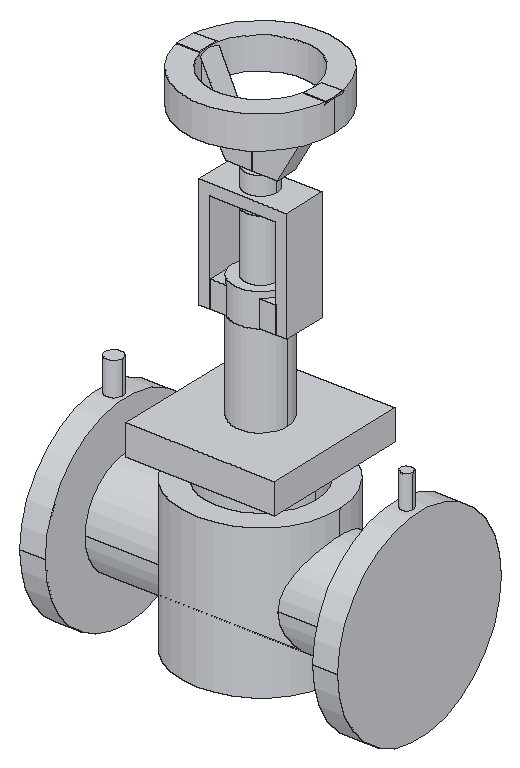
Revit family "Sigma_Compact_DN065-HF_PN16_RFA_2019", category Pipe Accessories, Revit 2019
Family settings
  Round Connector Dimension = Use Diameter
  Part Type = Valve - Breaks Into
  Work Plane-Based = No
  Always vertical = Yes
  Cut with Voids When Loaded = No
  Shared = No
Parameters (values of type "Sigma Compact DN 065 HF PN16")
  magiProductId = "93d22af618bf47d6be13ef3bd41a97"
  magiProductFamilyId = "01495da7eb234de3883c6bc9c8853e"
  magiPartTypeId = 304
  isMeasuringValve [instance] = no
  ang2D [instance] = 0.00°
  W2D = 50 mm
  VersionID = "2.0/2018.12.13.2/FRESE_SIGMA_C_BIG_Q13_001"
  Use Minimum Symbol Size [instance] = no
  URL = "www.hydronix.cz"
  Type Comments = "přírubový; PN16; max dp=800kPa; 0~+120°C; max uzavírací tlak 1MPa"
  R4 = 50.75 mm
  R3 = 48.1 mm
  R1 = 72.5 mm
  QmdConnectorList = "301;D;302;D"
  Productdata [instance] = ""
  Manufacturer = "Hydronix"
  Maintenance Zone Under Depth [instance] = 100 mm
  Maintenance Zone Right Depth [instance] = 100 mm
  Maintenance Zone Over Depth [instance] = 100 mm
  Maintenance Zone Left Depth [instance] = 100 mm
  Maintenance Zone Front Depth [instance] = 100 mm
  Maintenance Zone Back Depth [instance] = 100 mm
  Maintenance Zone Front Visibility [instance] = no
  MC Use Limits From Balancing Method = no
  MC Throttling Minimum Value = 0
  MC Throttling Maximum Value = 0
  MC Product Code = "53-2411 DN65; PN16; (5950-35000 l/h); kvs=47"
  MC Pressure Drop Minimum Value = 0.0 Pa
  MC Pressure Drop Maximum Value = 0.0 Pa
  MC Piping Given Pressure Drop [instance] = 0.0 Pa
  LF__ve = -LF  # -23.2 mm
  LF2 = 11.6 mm
  LF = 23.2 mm
  L432 = 23.853 mm
  L43 = 47.705 mm
  L42 = 68.15 mm
  L4 = 136.3 mm
  L3 = 243.6 mm
  L2D_Min = 30.48 mm
  L2D = 230 mm
  L2 = 145 mm
  HH12 = 16.5 mm
  HH1 = 33 mm
  HDF__ve = -HDF  # -199 mm
  HDF = 199 mm
  H6 = 85 mm
  H4 = 27.75 mm
  H3 = 23.125 mm
  H2 = 69.375 mm
  H11 = 138.75 mm
  H1 = 497 mm
  H = 384 mm
  Description = "Automatický vyvažovací ventil"
  DF2 = 92.5 mm
  D = 65 mm
  Clearance Zone Height Depth [instance] = 100 mm
  Clearance Zone Circular Radius [instance] = 145 mm
  Clearance Zone Visibility [instance] = no
  CAT0 = yes
Types (9, lengths in mm): name | magiProductId | Type Comments | R4 | R3 | R1 | MC Product Code | LF__ve | LF2 | LF | L432 | L43 | L42 | L4 | L3 | L2 | HH12 | HH1 | HDF__ve | HDF | H4 | H3 | H2 | H11 | H1 | H | DF2 | D | Clearance Zone Circular Radius
  Sigma Compact DN 050 HF PN16 | "68e8ec0e285d475ea5c3f8787337ca" | "přírubový; PN16; max dp=800kPa; 0~+120°C; max uzavírací tlak 1MPa" | 40.25 | 42.9 | 57.5 | "53-2410 DN50; PN16; (3920-24000 l/h); kvs=34" | -18.4 | 9.2 | 18.4 | 18.917 | 37.835 | 54.05 | 108.1 | 193.2 | 115 | 16.5 | 33 | -202 | 202 | 24.75 | 20.625 | 61.875 | 123.75 | 480 | 367 | 82.5 | 50 | 115
  Sigma Compact DN 065 HF PN16 | "93d22af618bf47d6be13ef3bd41a97" | "přírubový; PN16; max dp=800kPa; 0~+120°C; max uzavírací tlak 1MPa" | 50.75 | 48.1 | 72.5 | "53-2411 DN65; PN16; (5950-35000 l/h); kvs=47" | -23.2 | 11.6 | 23.2 | 23.853 | 47.705 | 68.15 | 136.3 | 243.6 | 145 | 16.5 | 33 | -199 | 199 | 27.75 | 23.125 | 69.375 | 138.75 | 497 | 384 | 92.5 | 65 | 145
  Sigma Compact DN 080 HF PN16 | "30d16928369c437789493110503824" | "přírubový; PN16; max dp=800kPa; 0~+120°C; max uzavírací tlak 1MPa" | 54.25 | 52 | 77.5 | "53-2412 DN80; PN16; (7020-43000 l/h); kvs=61" | -24.8 | 12.4 | 24.8 | 25.497 | 50.995 | 72.85 | 145.7 | 260.4 | 155 | 16.5 | 33 | -213 | 213 | 30 | 25 | 75 | 150 | 526 | 413 | 100 | 80 | 155
  Sigma Compact DN 100 HF PN16 | "cbc2fc0a341c4a2b87b0bcbf79c376" | "přírubový; PN16; max dp=800kPa; 0~+120°C; max uzavírací tlak 1MPa" | 61.25 | 61.1 | 87.5 | "53-2413 DN100; PN16; (14800-90000 l/h); kvs=104" | -28 | 14 | 28 | 28.788 | 57.575 | 82.25 | 164.5 | 294 | 175 | 34 | 68 | -331 | 331 | 35.25 | 29.375 | 88.125 | 176.25 | 714 | 566 | 117.5 | 100 | 175
  Sigma Compact DN 125 HF PN16 | "02452206f7594718b3d97e4e693144" | "přírubový; PN16; max dp=800kPa; 0~+120°C; max uzavírací tlak 1MPa" | 70 | 70.2 | 100 | "53-2414 DN125; PN16; (23000-135000 l/h); kvs=185" | -32 | 16 | 32 | 32.9 | 65.8 | 94 | 188 | 336 | 200 | 36.5 | 73 | -338 | 338 | 40.5 | 33.75 | 101.25 | 202.5 | 761 | 608 | 135 | 125 | 200
  Sigma Compact DN 150 HF PN16 | "2e5d0064e2dd45fa818d7fb779c9a5" | "přírubový; PN16; max dp=800kPa; 0~+110°C; max uzavírací tlak 1MPa" | 84 | 74.1 | 120 | "53-2415 DN150; PN16; (32000-195000 l/h); kvs=242" | -38.4 | 19.2 | 38.4 | 39.48 | 78.96 | 112.8 | 225.6 | 403.2 | 240 | 13 | 26 | -391 | 391 | 42.75 | 35.625 | 106.875 | 213.75 | 782 | 676 | 142.5 | 150 | 240
  Sigma Compact DN 200 HF PN16 | "9690c155034b41f3a54554dedb5edf" | "přírubový; PN16; max dp=800kPa; 0~+110°C; max uzavírací tlak 1MPa" | 105 | 98.8 | 150 | "53-2416 DN200; PN16; (130000-280000 l/h); kvs=317" | -48 | 24 | 48 | 49.35 | 98.7 | 141 | 282 | 504 | 300 | 29.5 | 59 | -334 | 334 | 57 | 47.5 | 142.5 | 285 | 853 | 714 | 190 | 200 | 300
  Sigma Compact DN 250 HF PN16 | "baee3668eb0d4f168225ec1ed946f7" | "přírubový; PN16; max dp=800kPa; 0~+110°C; max uzavírací tlak 1MPa" | 127.75 | 115.44 | 182.5 | "53-2417 DN250; PN16; (245000-600000 l/h); kvs=717" | -58.4 | 29.2 | 58.4 | 60.042 | 120.085 | 171.55 | 343.1 | 613.2 | 365 | 29 | 58 | -462 | 462 | 66.6 | 55.5 | 166.5 | 333 | 1044 | 906 | 222 | 250 | 365
  Sigma Compact DN 300 HF PN16 | "f903017b03a74a7ebca8b59c0516bf" | "přírubový; PN16; max dp=800kPa; 0~+110°C; max uzavírací tlak 1MPa" | 148.75 | 135.2 | 212.5 | "53-2418 DN300; PN16; (245000-600000 l/h); kvs=717" | -68 | 34 | 68 | 69.912 | 139.825 | 199.75 | 399.5 | 714 | 425 | 29 | 58 | -424 | 424 | 78 | 65 | 195 | 390 | 1082 | 944 | 260 | 300 | 425
Reference planes
  plane 1 "Center (Front/Back)": y = 0
  plane 2 "XYPLANE": z = 0
  plane 3 "Center (Left/Right)": x = 0
  plane 4 "298": y = -192.5
  plane 5 "297": y = 192.5
  plane 6 "296": y = -92.5
  plane 7 "295": y = 92.5
  plane 8 "294": z = -192.5
  plane 9 "293": z = 504.5
  plane 10 "292": x = -245
  plane 11 "291": x = 245
  plane 12 "290": z = 504.5
  plane 13 "256": y = -20
  plane 14 "254": z = 298
  plane 15 "253": z = 308
  plane 16 "252": x = -40
  plane 17 "251": x = -30
  plane 18 "250": x = 40
  plane 19 "249": x = 30
  plane 20 "247": z = 205.25
  plane 21 "244": z = 291.5
  plane 22 "243": x = 68.15
  plane 23 "242": x = 47.705
  plane 24 "241": x = 23.853
  plane 25 "240": y = -10
  plane 26 "238": x = -23.853
  plane 27 "237": x = -47.705
  plane 28 "236": z = 324.5
  plane 29 "235": z = 354.5
  plane 30 "234": x = -68.15
  plane 31 "225": z = 404.5
  plane 32 "224": z = -92.5
  plane 33 "157": x = 133.4
  plane 34 "156": x = -133.4
  plane 35 "155": z = 92.5
  plane 36 "154": z = 120.25
  plane 37 "153": z = 92.5
  plane 38 "152": z = 69.375
  plane 39 "151": x = -121.8
  plane 40 "150": z = -69.375
  plane 41 "149": x = 0
  plane 42 "148": y = 0
  plane 43 "147": z = 0
  plane 44 "146": x = -145
  plane 45 "145": x = 145
Forms (mm)
  Blend 1, solid, visible <- "Maintenance Zone Front Visibility"
    base sketch origin (-750, 0, 504.5) x (1, 0, 0) y (0, 1, 0)
      loop
        line (505, 192.5) -> (505, -192.5) -> (995, -192.5) -> (995, 192.5) -> (505, 192.5)
    top sketch origin (-750, 0, 504.5) x (1, 0, 0) y (0, 1, 0)
      loop
        line (505, 192.5) -> (505, -192.5) -> (995, -192.5) -> (995, 192.5) -> (505, 192.5)
    from 0 to -697
  Blend 2, solid, visible <- "Clearance Zone Visibility"
    base sketch origin (-750, 0, 0) x (1, 0, 0) y (0, 1, 0)
      loop
        circle (750, 0) r 145
    top sketch origin (-750, 0, 0) x (1, 0, 0) y (0, 1, 0)
      loop
        circle (750, 0) r 145
    from 0 to 504.5
  Extrusion 3, solid
    sketch origin (-750, 0, 291.5) x (1, 0, 0) y (0, 1, 0)
      loop
        circle (750, 0) r 14.935
    from 0 to -199 <- "HDF__ve"
  Extrusion 4, solid
    sketch origin (-750, 0, 205.25) x (1, 0, 0) y (0, 1, 0)
      loop
        line (780, 20) -> (720, 20) -> (720, -20) -> (780, -20) -> (780, 20)
    from 0 to 25
  Extrusion 5, solid
    sketch origin (750, -20, 0) x (-1, 0, 0) y (0, 0, 1)
      loop
        line (790, 205.25) -> (790, 308) -> (710, 308) -> (710, 205.25) -> (720, 205.25) -> (720, 298) -> (780, 298) -> (780, 205.25) -> (790, 205.25)
    from 0 to 40
  Extrusion 6, solid
    sketch origin (-750, 0, 205.25) x (1, 0, 0) y (0, 1, 0)
      loop
        circle (750, 0) r 25
    from 0 to 30
  Extrusion 7, solid
    sketch origin (750, -10, 0) x (-1, 0, 0) y (0, 0, 1)
      loop
        line (797.705, 404.5) -> (773.853, 354.5) -> (750, 354.5) -> (750, 324.5) -> (773.853, 324.5) -> (818.15, 404.5) -> (797.705, 404.5)
    from 0 to 20
  Extrusion 8, solid
    sketch origin (750, -10, 0) x (-1, 0, 0) y (0, 0, 1)
      loop
        line (702.295, 404.5) -> (681.85, 404.5) -> (726.147, 324.5) -> (750, 324.5) -> (750, 354.5) -> (726.147, 354.5) -> (702.295, 404.5)
    from 0 to 20
  Extrusion 9, solid
    sketch origin (-750, 0, 291.5) x (1, 0, 0) y (0, 1, 0)
      loop
        circle (750, 0) r 14.935
    from 0 to 33 <- "HH1"
  Extrusion 10, solid
    sketch origin (-750, 0, 404.5) x (1, 0, 0) y (0, 1, 0)
      loop
        circle (750, 0) r 68.15
      loop
        circle (750, 0) r 47.705
    from 0 to -30
  Extrusion 11, solid, visible <- "CAT0"
    sketch origin (-750, 0, 92.5) x (1, 0, 0) y (0, 1, 0)
      loop
        circle (883.4, 0) r 5.5
    from 0 to 30
  Extrusion 12, solid, visible <- "CAT0"
    sketch origin (-750, 0, 92.5) x (1, 0, 0) y (0, 1, 0)
      loop
        circle (616.6, 0) r 7.9
    from 0 to 30
  Extrusion 13, solid, visible <- "CAT0"
    sketch origin (-750, 0, 120.25) x (1, 0, 0) y (0, 1, 0)
      loop
        circle (750, 0) r 24.935
    from 0 to 85 <- "H6"
  Extrusion 14, solid, visible <- "CAT0"
    sketch origin (-750, 0, 92.5) x (1, 0, 0) y (0, 1, 0)
      loop
        line (818.15, 68.15) -> (681.85, 68.15) -> (681.85, -68.15) -> (818.15, -68.15) -> (818.15, 68.15)
    from 0 to 27.75 <- "H4"
  Extrusion 15, solid, visible <- "CAT0"
    sketch origin (-750, 0, 69.375) x (1, 0, 0) y (0, 1, 0)
      loop
        circle (750, 0) r 50.75
    from 0 to 23.125 <- "H3"
  Extrusion 16, solid, visible <- "CAT0"
    sketch origin (-121.8, -750, 0) x (0, 1, 0) y (0, 0, 1)
      loop
        circle (750, 0) r 48.1
    from 0 to 243.6 <- "L3"
  Extrusion 17, solid, visible <- "CAT0"
    sketch origin (-750, 0, -69.375) x (1, 0, 0) y (0, 1, 0)
      loop
        circle (750, 0) r 72.5
    from 0 to 138.75 <- "H11"
  Extrusion 18, solid, visible <- "CAT0"
    sketch origin (-145, -750, 0) x (0, 1, 0) y (0, 0, 1)
      loop
        circle (750, 0) r 92.5
    from 0 to 23.2 <- "LF"
  Extrusion 19, solid, visible <- "CAT0"
    sketch origin (145, -750, 0) x (0, 1, 0) y (0, 0, 1)
      loop
        circle (750, 0) r 92.5
    from 0 to -23.2 <- "LF__ve"
  Extrusion 20, solid, not visible
    sketch origin (-145, -750, 0) x (0, 1, 0) y (0, 0, 1)
      loop
        circle (750, 0) r 10
    from 0 to 10
  Extrusion 21, solid, not visible
    sketch origin (145, -750, 0) x (0, 1, 0) y (0, 0, 1)
      loop
        circle (750, 0) r 10
    from 0 to -10
Lines and regions (mm)
  reference lines, not visible
    curve 1: circle (2, 2, 0) r 1 normal (0, 0, 1)
  reference lines
    curve 2: circle (0, 0, 92.5) r 1 normal (0, 0, 1)
Dimensions and locks
  plane 1 "Center (Front/Back)" to curve 1 = 2 mm
  "Maintenance Zone Front Depth": plane 6 "296" to plane 4 "298"
  "Maintenance Zone Back Depth": plane 7 "295" to plane 5 "297"
  "DF2": plane 42 "148" to plane 6 "296"
  "DF2": plane 42 "148" to plane 7 "295"
  "Maintenance Zone Under Depth": plane 32 "224" to plane 8 "294"
  "Maintenance Zone Over Depth": plane 31 "225" to plane 9 "293"
  "Maintenance Zone Left Depth": plane 44 "146" to plane 10 "292"
  "Maintenance Zone Right Depth": plane 45 "145" to plane 11 "291"
  "Clearance Zone Height Depth": plane 31 "225" to plane 12 "290"
  locked: plane 25 "240" to plane 13 "256" at 10
  locked: plane 15 "253" to plane 14 "254" at 10
  "HH12": plane 21 "244" to plane 15 "253"
  locked: plane 17 "251" to plane 16 "252" at 10
  locked: plane 41 "149" to plane 17 "251" at 30
  locked: plane 19 "249" to plane 18 "250" at 10
  locked: plane 41 "149" to plane 19 "249" at 30
  "H6": plane 36 "154" to plane 20 "247"
  "H": plane 32 "224" to plane 21 "244"
  "L42": plane 41 "149" to plane 22 "243"
  "L43": plane 41 "149" to plane 23 "242"
  "L432": plane 41 "149" to plane 24 "241"
  locked: plane 42 "148" to plane 25 "240" at 10
  "L432": plane 41 "149" to plane 26 "238"
  "L43": plane 41 "149" to plane 27 "237"
  locked: plane 29 "235" to plane 28 "236" at 30
  locked: plane 31 "225" to plane 29 "235" at 50
  "L42": plane 41 "149" to plane 30 "234"
  "H1": plane 32 "224" to plane 31 "225"
  "DF2": plane 2 "XYPLANE" to plane 32 "224"
  "LF2": plane 45 "145" to plane 33 "157"
  "LF2": plane 44 "146" to plane 34 "156"
  "DF2": plane 2 "XYPLANE" to plane 35 "155"
  "H4": plane 37 "153" to plane 36 "154"
  "H3": plane 38 "152" to plane 37 "153"
  "H11": plane 40 "150" to plane 38 "152"
  "LF": plane 44 "146" to plane 39 "151"
  "H2": plane 2 "XYPLANE" to plane 40 "150"
  locked: plane 3 "Center (Left/Right)" to plane 41 "149"
  locked: plane 1 "Center (Front/Back)" to plane 42 "148"
  locked: plane 2 "XYPLANE" to plane 43 "147"
  "L2": plane 3 "Center (Left/Right)" to plane 44 "146"
  "L2": plane 3 "Center (Left/Right)" to plane 45 "145"
  Blend 1 sketch curve to Blend 1 sketch curve = 0 mm  (x16)
  Extrusion 4 sketch curve to Extrusion 4 sketch curve = 0 mm  (x8)
  Extrusion 5 sketch curve to Extrusion 5 sketch curve = 0 mm  (x16)
  Extrusion 7 sketch curve to Extrusion 7 sketch curve = 0 mm  (x12)
  Extrusion 8 sketch curve to Extrusion 8 sketch curve = 0 mm  (x12)
  equal spacing: Extrusion 14 sketch curve, curve 2, Extrusion 14 sketch curve  (x2)
  "L4": Extrusion 14 sketch curve to Extrusion 14 sketch curve  (x2)
  Extrusion 14 sketch curve to Extrusion 14 sketch curve = 0 mm  (x8)
  "Clearance Zone Circular Radius": radius of Blend 2 sketch curve  (x2)
  "L42": radius of Extrusion 10 sketch curve
  "L43": radius of Extrusion 10 sketch curve
  "R4": radius of Extrusion 15 sketch curve
  "R3": radius of Extrusion 16 sketch curve
  "R1": radius of Extrusion 17 sketch curve
  "DF2": radius of Extrusion 18 sketch curve
  "DF2": radius of Extrusion 19 sketch curve
  aligned and locked: level to plane 2 "XYPLANE"
  aligned and locked: Blend 1 sketch curve to plane 5 "297"  (x2)
  aligned and locked: plane 10 "292" to Blend 1 sketch curve  (x4)
  aligned and locked: plane 11 "291" to Blend 1 sketch curve  (x4)
  aligned and locked: plane 5 "297" to Blend 1 sketch curve  (x2)
  aligned and locked: plane 4 "298" to Blend 1 sketch curve  (x4)
  aligned and locked: Blend 1 to plane 8 "294"
  aligned and locked: plane 41 "149" to Blend 2 sketch curve  (x2)
  aligned and locked: plane 42 "148" to Blend 2 sketch curve  (x2)
  aligned and locked: plane 12 "290" to Blend 2
  aligned and locked: plane 41 "149" to Extrusion 3 sketch curve
  aligned and locked: plane 42 "148" to Extrusion 3 sketch curve
  aligned and locked: Extrusion 5 sketch curve to plane 16 "252"
  aligned and locked: plane 20 "247" to Extrusion 5 sketch curve  (x4)
  aligned and locked: plane 15 "253" to Extrusion 5 sketch curve  (x2)
  aligned and locked: plane 16 "252" to Extrusion 5 sketch curve
  aligned and locked: plane 18 "250" to Extrusion 5 sketch curve  (x2)
  aligned and locked: plane 19 "249" to Extrusion 5 sketch curve  (x2)
  aligned and locked: plane 14 "254" to Extrusion 5 sketch curve  (x2)
  aligned and locked: plane 17 "251" to Extrusion 5 sketch curve  (x2)
  aligned and locked: plane 41 "149" to Extrusion 6 sketch curve
  aligned and locked: plane 42 "148" to Extrusion 6 sketch curve
  aligned and locked: plane 27 "237" to Extrusion 7 sketch curve
  aligned and locked: plane 31 "225" to Extrusion 7 sketch curve  (x2)
  aligned and locked: plane 26 "238" to Extrusion 7 sketch curve  (x2)
  aligned and locked: plane 29 "235" to Extrusion 7 sketch curve  (x2)
  aligned and locked: plane 41 "149" to Extrusion 7 sketch curve  (x2)
  aligned and locked: plane 28 "236" to Extrusion 7 sketch curve  (x2)
  aligned and locked: plane 30 "234" to Extrusion 7 sketch curve
  aligned and locked: plane 23 "242" to Extrusion 8 sketch curve
  aligned and locked: plane 31 "225" to Extrusion 8 sketch curve  (x2)
  aligned and locked: plane 24 "241" to Extrusion 8 sketch curve  (x2)
  aligned and locked: plane 29 "235" to Extrusion 8 sketch curve  (x2)
  aligned and locked: plane 41 "149" to Extrusion 8 sketch curve  (x2)
  aligned and locked: plane 28 "236" to Extrusion 8 sketch curve  (x2)
  aligned and locked: plane 22 "243" to Extrusion 8 sketch curve
  aligned and locked: plane 41 "149" to Extrusion 9 sketch curve
  aligned and locked: plane 42 "148" to Extrusion 9 sketch curve
  aligned and locked: plane 41 "149" to Extrusion 10 sketch curve  (x2)
  aligned and locked: plane 42 "148" to Extrusion 10 sketch curve  (x2)
  aligned and locked: plane 33 "157" to Extrusion 11 sketch curve
  aligned and locked: plane 42 "148" to Extrusion 11 sketch curve
  aligned and locked: plane 34 "156" to Extrusion 12 sketch curve
  aligned and locked: plane 42 "148" to Extrusion 12 sketch curve
  aligned and locked: plane 41 "149" to Extrusion 13 sketch curve
  aligned and locked: plane 42 "148" to Extrusion 13 sketch curve
  aligned and locked: plane 41 "149" to curve 2
  aligned and locked: plane 42 "148" to curve 2
  aligned and locked: plane 41 "149" to Extrusion 15 sketch curve
  aligned and locked: plane 42 "148" to Extrusion 15 sketch curve
  aligned and locked: Extrusion 16 sketch curve to plane 42 "148"
  aligned and locked: plane 43 "147" to Extrusion 16 sketch curve
  aligned and locked: plane 41 "149" to Extrusion 17 sketch curve
  aligned and locked: plane 42 "148" to Extrusion 17 sketch curve
  aligned and locked: Extrusion 18 sketch curve to plane 42 "148"
  aligned and locked: plane 43 "147" to Extrusion 18 sketch curve
  aligned and locked: Extrusion 19 sketch curve to plane 42 "148"
  aligned and locked: plane 43 "147" to Extrusion 19 sketch curve
  aligned and locked: Extrusion 20 sketch curve to plane 42 "148"
  aligned and locked: plane 43 "147" to Extrusion 20 sketch curve
  aligned and locked: Extrusion 21 sketch curve to plane 42 "148"
  aligned and locked: plane 43 "147" to Extrusion 21 sketch curve
Automatic sketch dimensions
  plane 26 "238" to Extrusion 3 sketch curve = 8.917 mm
  Extrusion 4 sketch curve to plane 17 "251" = 0 mm
  Extrusion 4 sketch curve to plane 13 "256" = 0 mm
  Extrusion 4 sketch curve to plane 19 "249" = 0 mm
  Extrusion 4 sketch curve to plane 1 "Center (Front/Back)" = 20 mm
  plane 17 "251" to Extrusion 6 sketch curve = 5 mm
  plane 26 "238" to Extrusion 9 sketch curve = 8.917 mm
  Extrusion 11 sketch curve to plane 33 "157" = 5.5 mm
  plane 44 "146" to Extrusion 12 sketch curve = 3.7 mm
  Extrusion 13 sketch curve to plane 26 "238" = 1.083 mm
  Extrusion 20 sketch curve to plane 25 "240" = 0 mm
  Extrusion 21 sketch curve to plane 25 "240" = 0 mm
  plane 3 "Center (Left/Right)" to curve 1 = 2 mm
  Extrusion 14 sketch curve to plane 30 "234" = 0 mm
  plane 6 "296" to Extrusion 14 sketch curve = 24.35 mm
  radius of curve 2 = 1 mm
  radius of curve 1 = 1 mm
Connectors
  piping at (-145, 0, 0), diameter 65, driven by "D"
    settings: on Extrusion 20, index 1, connector inside diameter 609.6 mm, connector length 0 mm, flow factor 0, pipe flow 0.0 L/s, pressure drop 0.0 Pa, fitting loss kfactor 0, connector angle 0.00°, fixture units 0, engagement length 0 mm, angle of deflection 0.00°, flow configuration 0, flow direction 0, fitting loss method 0, system type 29, joint type 0, gender type 0, connector reference index 2, connector utility 0, adjustable connector no, is connector primary yes, connector description ""
  piping at (145, 0, 0), diameter 65, driven by "D"
    settings: on Extrusion 21, index 2, connector inside diameter 609.6 mm, connector length 0 mm, flow factor 0, pipe flow 0.0 L/s, pressure drop 0.0 Pa, fitting loss kfactor 0, connector angle 0.00°, fixture units 0, engagement length 0 mm, angle of deflection 0.00°, flow configuration 0, flow direction 0, fitting loss method 0, system type 29, joint type 0, gender type 0, connector reference index 1, connector utility 0, adjustable connector no, is connector primary no, connector description ""
